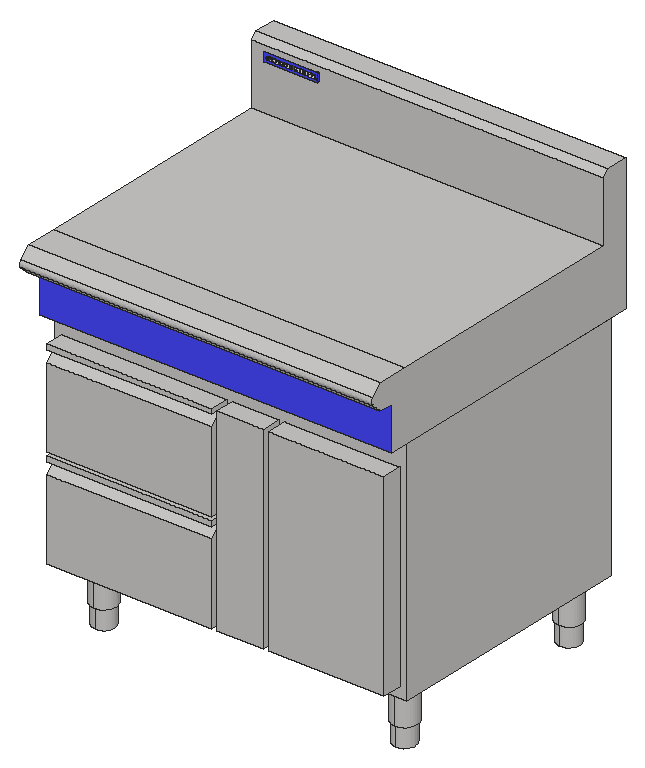
Revit family "QF_MOFFAT_BLUESEAL_CE_B90-RB", category Specialty Equipment, Revit 2012
Parameters
  Width = 900 mm
  Weight in Pounds = 255  # constant formula
  Watts = Volts * FL Amps  # 414 W
  Volts = 230 V
  URL Cutsheet = "www.moffat.com"
  URL = "www.moffat.com"
  Type Mark [instance] = ""
  Status [instance] = ""
  Specification by User [instance] = ""
  Specification by Manufacturer = ""
  Show Logo [instance] = yes
  Show Clearance [instance] = yes
  Show Casters [instance] = no
  Serial Number = ""
  Seismic Rating = ""
  SMACNA No = ""
  Revision Code [instance] = ""
  Refrigerant Type [instance] = "R134a"
  Phase = 1
  Omniclass Number and Title = ""
  Number of Poles [instance] = 1
  NAFEM Spec ID Number = ""
  Model = "B90-RB"
  Min Ckt Ampacity = 0 A
  Max Overcurrent Protection = 0 A
  Masterspec = ""
  Manufacturer = "MOFFAT BLUESEAL"
  Legs [instance] = not(Show Casters)  # yes
  Item Number [instance] = ""
  Installed By [instance] = ""
  Identify Quantity as Lot [instance] = yes
  Height = 1085 mm
  HP = ""
  Furnished By [instance] = ""
  Foodservice Equipment Identifier [instance] = yes
  FL Amps = 1.8 A
  Electrical Remarks = ""
  Electric Connection Type = ""
  Elec Conn RI Height = 0 mm
  Elec Conn Connection Height = 0 mm
  Description = "900MM BENCH TOP ON REFRIGERATED BASE"
  Depth = 812 mm
  Cycle = 50 Hz
  Conn Plug = ""
  Conn Conduit = yes
  CSI MasterFormat = ""
  CSI Master Format = ""
  Apparent Power = 0 VA
Reference planes
  plane 1 "BACK": y = 0
  plane 2: z = 0
  plane 3 "LEFT": x = 0
  plane 4 "RIGHT": x = 900
  plane 5 "FRONT": y = -812
  plane 6 "TOP": z = 970
  plane 7 "Center Y": x = 450
  plane 8 "Center X": y = -406
  plane 9: x = 280
  plane 10: y = -574.272
  plane 11: x = 60
  plane 12: y = -304.972
  plane 13: y = -364.972
  plane 14: x = 74
  plane 15: x = 834.5
  plane 16: y = -32
  plane 17: z = 655
  plane 18: z = 1085
Forms (mm)
  Revolve 1, solid, material "QF_Finishes_Stainless Steel"
    sketch origin (834.5, -696.126, 0) x (0, 1, 0) y (0, 0, -1)
      loop
        line (39.376, -150) -> (71.126, -150) -> (71.126, 0) -> (43.626, 0) -> (43.626, -50) -> (39.376, -50) -> (39.376, -150)
      axis (71.126, -150) -> (71.126, 0)
    angle from 0 to 360
  Revolve 2, solid, material "QF_Finishes_Stainless Steel"
    sketch origin (65.5, -696.126, 0) x (0, 1, 0) y (0, 0, 1)
      loop
        line (39.376, 150) -> (39.376, 50) -> (43.626, 50) -> (43.626, 0) -> (71.126, 0) -> (71.126, 150) -> (39.376, 150)
      axis (71.126, 150) -> (71.126, 0)
    angle from 0 to 360
  Extrusion 3, solid, material "QF_Finishes_Stainless Steel", visible <- "Show Casters"
    sketch origin (71.501, 133.353, -8.783) x (0, 1, 0) y (0, 0, 1)
      loop
        line (-201.603, 118.783) -> (-265.103, 118.783) -> (-252.746, 53.895)
        arc (-252.746, 53.895) -> (-233.353, 38.783) -> (-213.959, 53.895) r 20
        line (-213.959, 53.895) -> (-201.603, 118.783)
    from -35.667 to 22.923
  Revolve 4, solid, material "QF_Finishes_Stainless Steel", visible <- "Show Casters"
    sketch origin (65, -203, 0) x (0, 1, 0) y (0, 0, 1)
      loop
        line (67.25, 150) -> (67.25, 110) -> (103, 110) -> (103, 150) -> (67.25, 150)
      axis (103, 150) -> (103, 110)
    angle from 0 to 360
  Revolve 5, solid, material "QF_Finishes_Stainless Steel", visible <- "Show Casters"
    sketch origin (834.5, -203, 0) x (0, 1, 0) y (0, 0, -1)
      loop
        line (67.25, -150) -> (103, -150) -> (103, -110) -> (67.25, -110) -> (67.25, -150)
      axis (103, -150) -> (103, -110)
    angle from 0 to 360
  Revolve 6, solid, material "QF_Finishes_Stainless Steel", visible <- "Show Casters"
    sketch origin (785.276, -99.755, -13.653) x (1, 0, 0) y (0, 0, 1)
      loop
        line (14.841, 64.453) -> (83.584, 64.453) -> (83.584, 67.958) -> (82.314, 69.228) -> (80.79, 69.228) -> (80.79, 72.674) -> (68.644, 72.674) -> (68.644, 82.639) -> (65.088, 84.692) -> (63.738, 93.028) -> (65.881, 93.028) -> (65.881, 99.378) -> (65.088, 99.378) -> (65.088, 105.728)
        arc (65.088, 105.728) -> (62.298, 112.463) -> (55.563, 115.253) r 9.525
        line (55.563, 115.253) -> (42.863, 115.253)
        arc (42.863, 115.253) -> (36.127, 112.463) -> (33.338, 105.728) r 9.525
        line (33.338, 105.728) -> (33.338, 99.378) -> (32.544, 99.378) -> (32.544, 93.028) -> (34.687, 93.028) -> (33.352, 84.781) -> (29.782, 82.719) -> (29.782, 72.674) -> (17.635, 72.674) -> (17.635, 69.228) -> (16.111, 69.228) -> (14.841, 67.958) -> (14.841, 64.453)
      axis (14.841, 64.453) -> (83.584, 64.453)
    angle from 0 to 360
  Extrusion 7, solid, material "QF_Finishes_Stainless Steel", visible <- "Show Casters"
    sketch origin (841.001, 133.353, -8.783) x (0, 1, 0) y (0, 0, 1)
      loop
        line (-201.603, 118.783) -> (-265.103, 118.783) -> (-252.746, 53.895)
        arc (-252.746, 53.895) -> (-233.353, 38.783) -> (-213.959, 53.895) r 20
        line (-213.959, 53.895) -> (-201.603, 118.783)
    from -35.667 to 22.923
  Revolve 8, solid, material "QF_Finishes_Stainless Steel", visible <- "Legs"
    sketch origin (65, -165, 0) x (0, 1, 0) y (0, 0, 1)
      loop
        line (33.25, 150) -> (33.25, 50) -> (37.5, 50) -> (37.5, 0) -> (65, 0) -> (65, 150) -> (33.25, 150)
      axis (65, 150) -> (65, 0)
    angle from 0 to 360
  Revolve 9, solid, material "QF_Finishes_Stainless Steel", visible <- "Legs"
    sketch origin (834.5, -165, 0) x (0, 1, 0) y (0, 0, -1)
      loop
        line (33.25, -150) -> (65, -150) -> (65, 0) -> (37.5, 0) -> (37.5, -50) -> (33.25, -50) -> (33.25, -150)
      axis (65, -150) -> (65, 0)
    angle from 0 to 360
  Revolve 10, solid, material "QF_Finishes_Stainless Steel", visible <- "Show Casters"
    sketch origin (114.224, -99.755, -13.653) x (-1, 0, 0) y (0, 0, -1)
      loop
        line (14.841, -64.453) -> (14.841, -67.958) -> (16.111, -69.228) -> (17.635, -69.228) -> (17.635, -72.674) -> (29.782, -72.674) -> (29.782, -82.719) -> (33.352, -84.781) -> (34.687, -93.028) -> (32.544, -93.028) -> (32.544, -99.378) -> (33.338, -99.378) -> (33.338, -105.728)
        arc (33.338, -105.728) -> (36.127, -112.463) -> (42.863, -115.253) r 9.525
        line (42.863, -115.253) -> (55.563, -115.253)
        arc (55.563, -115.253) -> (62.298, -112.463) -> (65.088, -105.728) r 9.525
        line (65.088, -105.728) -> (65.088, -99.378) -> (65.881, -99.378) -> (65.881, -93.028) -> (63.738, -93.028) -> (65.088, -84.692) -> (68.644, -82.639) -> (68.644, -72.674) -> (80.79, -72.674) -> (80.79, -69.228) -> (82.314, -69.228) -> (83.584, -67.958) -> (83.584, -64.453) -> (14.841, -64.453)
      axis (14.841, -64.453) -> (83.584, -64.453)
    angle from 0 to 360
  Extrusion 11, solid, material "QF_Finishes_Stainless Steel"
    sketch origin (0, -47, 150) x (0, 0, 1) y (1, 0, 0)
      loop
        circle (270, 526) r 6.35
    from 0 to 1.6
  Extrusion 12, solid, material "QF_Finishes_Stainless Steel"
    sketch origin (0, 0, 0) x (0, 1, 0) y (0, 0, 1)
      loop
        line (0, 1085) -> (-57, 1085) -> (-70, 1072) -> (-70, 915) -> (-705, 915) -> (-783.97, 915) -> (-808.503, 890.467)
        arc (-808.503, 890.467) -> (-812.01, 882) -> (-808.503, 873.533) r 11.974
        line (-808.503, 873.533) -> (-784.97, 850) -> (-749, 850) -> (-749, 740) -> (0, 740) -> (0, 1085)
      loop
        line (-699, 150) -> (-47, 150) -> (-47, 695.183) -> (-47, 737.784) -> (-699, 737.784) -> (-699, 150)
    from 0 to 900
  Extrusion 13, solid, material "QF_Finishes_Stainless Steel"
    sketch origin (0, 0, 0) x (0, 1, 0) y (0, 0, 1)
      loop
        line (-699, 678) -> (-747, 678) -> (-747, 665) -> (-715.13, 665) -> (-749, 636.579) -> (-749, 431) -> (-699, 431) -> (-699, 678)
      loop
        line (-749, 175) -> (-699, 175) -> (-699, 421) -> (-747, 421) -> (-747, 408) -> (-715.13, 408) -> (-749, 379.579) -> (-749, 175)
    from 17.986 to 440
  Extrusion 14, solid, material "QF_Finishes_Stainless Steel"
    sketch origin (723.5, 0, 0) x (0, 1, 0) y (0, 0, 1)
      loop
        line (-699, 678) -> (-749, 678) -> (-749, 175) -> (-699, 175) -> (-699, 678)
    from -270.5 to -150.5
  Extrusion 15, solid, material "QF_Door-Drawer Clearances", visible <- "Show Clearance", detail levels coarse
    sketch origin (0, -749, 676) x (0, 0, -1) y (1, 0, 0)
      loop
        line (501, 440) -> (255, 440) -> (255, 17.986) -> (501, 17.986) -> (501, 440)
      loop
        line (245, 440) -> (-2, 440) -> (-2, 17.986) -> (245, 17.986) -> (245, 440)
    from 0 to 304.8
  Extrusion 16, solid, material "QF_Finishes_Stainless Steel"
    sketch origin (1031.5, 0, 0) x (0, 1, 0) y (0, 0, 1)
      loop
        line (-699, 678) -> (-749, 678) -> (-749, 175) -> (-699, 175) -> (-699, 678)
    from -444.5 to -150.5
Lines and regions (mm)
  Split face 1
    outline origin (0, 0, 1085) x (0, -1, 0) y (1, 0, 0)
      loop
        line (18.185, 271.959) -> (18.185, 44)
        arc (18.185, 44) -> (23.185, 35.34) -> (33.185, 35.34) r 10
        line (33.185, 35.34) -> (40.185, 39.381)
        arc (40.185, 39.381) -> (43.846, 43.041) -> (45.185, 48.041) r 10
        line (45.185, 48.041) -> (45.185, 276)
        arc (45.185, 276) -> (40.185, 284.66) -> (30.185, 284.66) r 10
        line (30.185, 284.66) -> (23.185, 280.619)
        arc (23.185, 280.619) -> (19.525, 276.959) -> (18.185, 271.959) r 10
  Split face 2
    outline origin (330, 7.097, 1085) x (0, -1, 0) y (1, 0, 0)
      loop
        line (25.282, 231.959) -> (25.282, 4)
        arc (25.282, 4) -> (30.282, -4.66) -> (40.282, -4.66) r 10
        line (40.282, -4.66) -> (47.282, -0.618)
        arc (47.282, -0.618) -> (50.942, 3.042) -> (52.282, 8.042) r 10
        line (52.282, 8.042) -> (52.282, 236)
        arc (52.282, 236) -> (47.282, 244.661) -> (37.282, 244.661) r 10
        line (37.282, 244.661) -> (30.282, 240.619)
        arc (30.282, 240.619) -> (26.622, 236.959) -> (25.282, 231.959) r 10
  Split face 3
    outline origin (620.967, 9.462, 1085) x (0, -1, 0) y (1, 0, 0)
      loop
        line (27.648, 230.992) -> (27.648, 3.033)
        arc (27.648, 3.033) -> (32.648, -5.627) -> (42.648, -5.627) r 10
        line (42.648, -5.627) -> (49.648, -1.586)
        arc (49.648, -1.586) -> (53.308, 2.074) -> (54.648, 7.074) r 10
        line (54.648, 7.074) -> (54.648, 235.033)
        arc (54.648, 235.033) -> (49.648, 243.693) -> (39.648, 243.693) r 10
        line (39.648, 243.693) -> (32.648, 239.652)
        arc (32.648, 239.652) -> (28.988, 235.992) -> (27.648, 230.992) r 10
  Split face 4
    outline origin (1031.5, -749, 676) x (0, 0, -1) y (1, 0, 0)
      loop
        line (291.62, -416.534) -> (481.62, -416.534) -> (481.62, -181.534) -> (291.62, -181.534) -> (291.62, -416.534)
  Split face 5
    outline origin (1031.5, -749, 931) x (0, 0, -1) y (1, 0, 0)
      loop
        line (291.62, -416.534) -> (356.62, -416.534) -> (356.62, -181.534) -> (291.62, -181.534) -> (291.62, -416.534)
  Split face 6
    outline origin (1031.5, -749, 807.725) x (0, 0, -1) y (1, 0, 0)
      loop
        line (307.841, -274.649) -> (342.841, -274.649) -> (342.841, -219.649) -> (307.841, -219.649) -> (307.841, -274.649)
  Split face 7
    outline origin (939.097, -749, 808.536) x (0, 0, -1) y (1, 0, 0)
      loop
        line (307.841, -274.649) -> (342.841, -274.649) -> (342.841, -239.649) -> (307.841, -239.649) -> (307.841, -274.649)
  symbolic lines
    curve 1: line (0, 0, 0) -> (0, -812, 0)
    curve 2: line (900, 0, 0) -> (0, 0, 0)
    curve 3: line (900, -812, 0) -> (900, 0, 0)
    curve 4: line (0, -70, 0) -> (900, -70, 0)
    curve 5: line (900, -812, 0) -> (0, -812, 0)
    curve 6: line (900, -57, 0) -> (0, -57, 0)
    curve 7: line (276, -45.185, 0) -> (48.041, -45.185, 0)
    curve 8: arc (48.041, -45.185, 0) -> (43.041, -43.846, 0) -> (39.381, -40.185, 0) r 10
    curve 9: line (39.381, -40.185, 0) -> (35.34, -33.185, 0)
    curve 10: arc (35.34, -33.185, 0) -> (35.34, -23.185, 0) -> (44, -18.185, 0) r 10
    curve 11: line (44, -18.185, 0) -> (271.959, -18.185, 0)
    curve 12: arc (271.959, -18.185, 0) -> (276.959, -19.525, 0) -> (280.619, -23.185, 0) r 10
    curve 13: line (280.619, -23.185, 0) -> (284.66, -30.185, 0)
    curve 14: arc (284.66, -30.185, 0) -> (284.66, -40.185, 0) -> (276, -45.185, 0) r 10
    curve 15: line (566, -45.185, 0) -> (338.041, -45.185, 0)
    curve 16: arc (338.041, -45.185, 0) -> (333.041, -43.846, 0) -> (329.381, -40.185, 0) r 10
    curve 17: line (329.381, -40.185, 0) -> (325.34, -33.185, 0)
    curve 18: arc (325.34, -33.185, 0) -> (325.34, -23.185, 0) -> (334, -18.185, 0) r 10
    curve 19: line (334, -18.185, 0) -> (561.959, -18.185, 0)
    curve 20: arc (561.959, -18.185, 0) -> (566.959, -19.525, 0) -> (570.619, -23.185, 0) r 10
    curve 21: line (570.619, -23.185, 0) -> (574.66, -30.185, 0)
    curve 22: arc (574.66, -30.185, 0) -> (574.66, -40.185, 0) -> (566, -45.185, 0) r 10
    curve 23: line (856, -45.185, 0) -> (628.041, -45.185, 0)
    curve 24: arc (628.041, -45.185, 0) -> (623.041, -43.846, 0) -> (619.381, -40.185, 0) r 10
    curve 25: line (619.381, -40.185, 0) -> (615.34, -33.185, 0)
    curve 26: arc (615.34, -33.185, 0) -> (615.34, -23.185, 0) -> (624, -18.185, 0) r 10
    curve 27: line (624, -18.185, 0) -> (851.959, -18.185, 0)
    curve 28: arc (851.959, -18.185, 0) -> (856.959, -19.525, 0) -> (860.619, -23.185, 0) r 10
    curve 29: line (860.619, -23.185, 0) -> (864.66, -30.185, 0)
    curve 30: arc (864.66, -30.185, 0) -> (864.66, -40.185, 0) -> (856, -45.185, 0) r 10
    curve 31: line (0, -783.97, 0) -> (900, -783.97, 0)
  symbolic lines, style "QF_Door-Drawer Clearances"
    curve 32: line (0, -1053.8, 0) -> (0, -812, 0)
    curve 33: line (440, -812, 0) -> (440, -1053.8, 0)
    curve 34: line (440, -1053.8, 0) -> (0, -1053.8, 0)
Dimensions and locks
  equal spacing: plane 3 "LEFT", plane 7 "Center Y", plane 4 "RIGHT"
  "Width": plane 3 "LEFT" to plane 4 "RIGHT"
  equal spacing: plane 5 "FRONT", plane 8 "Center X", plane 1 "BACK"
  "Depth": plane 5 "FRONT" to plane 1 "BACK"
  equal spacing: plane 4 "RIGHT", plane 7 "Center Y", plane 3 "LEFT"
  plane 4 "RIGHT" to plane 3 "LEFT" = 900 mm
  plane 5 "FRONT" to plane 1 "BACK" = 812 mm
  plane 10 to plane 1 "BACK" = 574.272 mm
  plane 12 to plane 1 "BACK" = 304.972 mm  (x2)
  plane 11 to plane 3 "LEFT" = 60 mm
  plane 14 to plane 3 "LEFT" = 74 mm
  plane 9 to plane 3 "LEFT" = 280 mm
  plane 6 "TOP" to plane 2 = 970 mm
  plane 17 to level = 655 mm
  Revolve 6 sketch curve to Revolve 6 sketch curve = 50.8 mm
  Revolve 10 sketch curve to Revolve 10 sketch curve = 50.8 mm
  plane 18 to level = 1085 mm  (x2)
  Extrusion 11 sketch curve to plane 4 "RIGHT" = 374 mm
  level to Extrusion 11 sketch curve = 420 mm
  aligned and locked: level to plane 2
  aligned and locked: curve 3 to plane 4 "RIGHT"
Automatic sketch dimensions
  Revolve 2 sketch curve to level = 0 mm
  Revolve 2 sketch curve to Revolve 2 sketch curve = 4.25 mm
  Revolve 2 sketch curve to Revolve 2 sketch curve = 27.5 mm
  Revolve 2 sketch curve to plane 10 = 50.728 mm  (x2)
  Revolve 2 sketch curve to level = 55 mm
  Revolve 2 sketch curve to Revolve 2 sketch curve = 50 mm
  Revolve 2 sketch curve to Revolve 2 sketch curve = 0 mm
  Revolve 2 sketch curve to Revolve 2 sketch curve = 100 mm
  Revolve 1 sketch curve to level = 0 mm
  Revolve 1 sketch curve to Revolve 1 sketch curve = 4.25 mm
  Revolve 1 sketch curve to Revolve 1 sketch curve = 27.5 mm
  Revolve 1 sketch curve to plane 10 = 50.728 mm  (x2)
  level to Revolve 1 sketch curve = 50 mm
  Revolve 1 sketch curve to Revolve 1 sketch curve = 0 mm
  Revolve 1 sketch curve to Revolve 1 sketch curve = 55 mm
  Extrusion 3 sketch curve to plane 16 = 99.75 mm
  Extrusion 3 sketch curve to Extrusion 3 sketch curve = 12.357 mm
  Extrusion 3 sketch curve to Extrusion 3 sketch curve = 19.393 mm  (x2)
  level to Extrusion 3 sketch curve = 45.111 mm
  Extrusion 3 sketch curve to plane 16 = 36.25 mm
  Extrusion 3 sketch curve to Extrusion 3 sketch curve = 4.889 mm
  Extrusion 3 sketch curve to Extrusion 3 sketch curve = 64.889 mm
  Revolve 4 sketch curve to plane 16 = 103.75 mm
  Revolve 4 sketch curve to plane 16 = 68 mm
  Revolve 4 sketch curve to Revolve 4 sketch curve = 35.75 mm
  Revolve 4 sketch curve to level = 55 mm
  level to Revolve 4 sketch curve = 50 mm
  Revolve 4 sketch curve to Revolve 4 sketch curve = 60 mm
  Revolve 4 sketch curve to Revolve 4 sketch curve = 40 mm
  Revolve 5 sketch curve to plane 16 = 103.75 mm
  Revolve 5 sketch curve to plane 16 = 68 mm
  Revolve 5 sketch curve to Revolve 5 sketch curve = 35.75 mm
  level to Revolve 5 sketch curve = 150 mm
  Revolve 5 sketch curve to Revolve 5 sketch curve = 40 mm
  level to Revolve 5 sketch curve = 50 mm
  Revolve 5 sketch curve to level = 55 mm
  Revolve 6 sketch curve to plane 15 = 34.382 mm
  Revolve 6 sketch curve to Revolve 6 sketch curve = 1.27 mm  (x4)
  Revolve 6 sketch curve to Revolve 6 sketch curve = 1.524 mm  (x2)
  Revolve 6 sketch curve to Revolve 6 sketch curve = 12.146 mm  (x2)
  Revolve 6 sketch curve to plane 15 = 16.68 mm
  Revolve 6 sketch curve to Revolve 6 sketch curve = 0.794 mm  (x2)
  Revolve 6 sketch curve to Revolve 6 sketch curve = 3.57 mm
  Revolve 6 sketch curve to Revolve 6 sketch curve = 2.143 mm
  Revolve 6 sketch curve to plane 15 = 6.361 mm
  plane 15 to Revolve 6 sketch curve = 5.13 mm
  plane 15 to Revolve 6 sketch curve = 6.339 mm
  plane 15 to Revolve 6 sketch curve = 14.515 mm
  Revolve 6 sketch curve to Revolve 6 sketch curve = 1.349 mm  (x2)
  Revolve 6 sketch curve to Revolve 6 sketch curve = 3.556 mm
  Revolve 6 sketch curve to plane 4 "RIGHT" = 2.18 mm
  level to Revolve 6 sketch curve = 50.8 mm
  Revolve 6 sketch curve to Revolve 6 sketch curve = 0 mm
  Revolve 6 sketch curve to Revolve 6 sketch curve = 3.505 mm  (x2)
  Revolve 6 sketch curve to Revolve 6 sketch curve = 3.447 mm  (x2)
  Revolve 6 sketch curve to Revolve 6 sketch curve = 9.964 mm
  Revolve 6 sketch curve to Revolve 6 sketch curve = 10.045 mm
  Revolve 6 sketch curve to Revolve 6 sketch curve = 2.053 mm
  Revolve 6 sketch curve to Revolve 6 sketch curve = 2.061 mm
  Revolve 6 sketch curve to Revolve 6 sketch curve = 8.247 mm
  Revolve 6 sketch curve to Revolve 6 sketch curve = 8.336 mm
  Revolve 6 sketch curve to Revolve 6 sketch curve = 6.35 mm  (x2)
  Extrusion 7 sketch curve to plane 16 = 99.75 mm
  Extrusion 7 sketch curve to Extrusion 7 sketch curve = 12.357 mm
  Extrusion 7 sketch curve to Extrusion 7 sketch curve = 19.393 mm  (x2)
  level to Extrusion 7 sketch curve = 45.111 mm
  Extrusion 7 sketch curve to plane 16 = 36.25 mm
  Extrusion 7 sketch curve to Extrusion 7 sketch curve = 4.889 mm
  Extrusion 7 sketch curve to Extrusion 7 sketch curve = 64.889 mm
  Revolve 8 sketch curve to level = 0 mm
  Revolve 8 sketch curve to plane 16 = 99.75 mm
  Revolve 8 sketch curve to Revolve 8 sketch curve = 4.25 mm
  Revolve 8 sketch curve to Revolve 8 sketch curve = 27.5 mm  (x2)
  Revolve 8 sketch curve to level = 55 mm
  Revolve 8 sketch curve to Revolve 8 sketch curve = 50 mm
  Revolve 8 sketch curve to Revolve 8 sketch curve = 0 mm
  Revolve 8 sketch curve to Revolve 8 sketch curve = 100 mm
  Revolve 9 sketch curve to level = 0 mm
  Revolve 9 sketch curve to plane 16 = 99.75 mm
  Revolve 9 sketch curve to Revolve 9 sketch curve = 4.25 mm
  Revolve 9 sketch curve to Revolve 9 sketch curve = 27.5 mm  (x2)
  level to Revolve 9 sketch curve = 50 mm
  Revolve 9 sketch curve to Revolve 9 sketch curve = 0 mm
  Revolve 9 sketch curve to Revolve 9 sketch curve = 100 mm
  Revolve 9 sketch curve to Revolve 9 sketch curve = 55 mm
  plane 14 to Revolve 10 sketch curve = 25.382 mm
  Revolve 10 sketch curve to Revolve 10 sketch curve = 1.27 mm  (x4)
  Revolve 10 sketch curve to Revolve 10 sketch curve = 1.524 mm  (x2)
  plane 14 to Revolve 10 sketch curve = 10.442 mm
  plane 14 to Revolve 10 sketch curve = 7.68 mm
  Revolve 10 sketch curve to Revolve 10 sketch curve = 0.794 mm  (x2)
  Revolve 10 sketch curve to Revolve 10 sketch curve = 3.57 mm
  Revolve 10 sketch curve to Revolve 10 sketch curve = 2.143 mm
  Revolve 10 sketch curve to plane 14 = 2.639 mm
  Revolve 10 sketch curve to plane 11 = 0.13 mm
  Revolve 10 sketch curve to plane 11 = 1.339 mm
  Revolve 10 sketch curve to plane 11 = 9.515 mm
  Revolve 10 sketch curve to Revolve 10 sketch curve = 1.349 mm  (x2)
  Revolve 10 sketch curve to Revolve 10 sketch curve = 3.556 mm
  Revolve 10 sketch curve to Revolve 10 sketch curve = 12.146 mm
  Revolve 10 sketch curve to plane 3 "LEFT" = 2.68 mm
  level to Revolve 10 sketch curve = 101.6 mm
  Revolve 10 sketch curve to Revolve 10 sketch curve = 6.35 mm  (x4)
  Revolve 10 sketch curve to Revolve 10 sketch curve = 8.247 mm
  Revolve 10 sketch curve to Revolve 10 sketch curve = 8.336 mm
  Revolve 10 sketch curve to Revolve 10 sketch curve = 2.061 mm
  Revolve 10 sketch curve to Revolve 10 sketch curve = 2.053 mm
  Revolve 10 sketch curve to Revolve 10 sketch curve = 10.045 mm
  Revolve 10 sketch curve to Revolve 10 sketch curve = 9.964 mm
  Revolve 10 sketch curve to Revolve 10 sketch curve = 3.447 mm  (x2)
  Revolve 10 sketch curve to Revolve 10 sketch curve = 3.505 mm
  Revolve 1 sketch curve to Revolve 1 sketch curve = 100 mm
  plane 1 "BACK" to curve 1 = 0 mm
  curve 1 to plane 3 "LEFT" = 0 mm
  plane 5 "FRONT" to curve 33 = 0 mm
  curve 9 to plane 16 = 1.185 mm
  curve 9 to plane 11 = 24.66 mm
  curve 10 to curve 8 = 4.041 mm
  curve 10 to plane 11 = 16 mm
  curve 8 to curve 8 = 8.66 mm
  curve 12 to plane 9 = 8.041 mm
  curve 14 to plane 9 = 4 mm
  plane 9 to curve 12 = 0.619 mm
  plane 16 to curve 14 = 1.815 mm
  plane 9 to curve 14 = 4.66 mm
  curve 18 to plane 16 = 1.185 mm
  curve 13 to curve 18 = 40.679 mm
  curve 18 to curve 16 = 4.041 mm
  plane 16 to curve 18 = 3.815 mm
  curve 17 to curve 18 = 8.66 mm
  curve 16 to curve 16 = 8.66 mm
  curve 33 to plane 7 "Center Y" = 10 mm
  plane 7 "Center Y" to curve 20 = 111.959 mm
  curve 20 to curve 22 = 4.041 mm
  plane 16 to curve 21 = 8.815 mm
  curve 20 to curve 21 = 8.66 mm
  plane 16 to curve 21 = 1.815 mm
  curve 21 to curve 21 = 4.041 mm
  curve 26 to plane 16 = 1.185 mm
  curve 21 to curve 26 = 40.679 mm
  curve 25 to curve 24 = 4.041 mm
  curve 25 to curve 26 = 8.66 mm
  curve 24 to curve 23 = 8.66 mm
  plane 15 to curve 28 = 17.459 mm
  curve 28 to curve 30 = 4.041 mm  (x2)
  plane 16 to curve 29 = 8.815 mm
  curve 28 to curve 29 = 8.66 mm
  plane 16 to curve 30 = 1.815 mm
  curve 33 to curve 33 = 241.8 mm
  curve 31 to plane 5 "FRONT" = 28.03 mm
  curve 4 to curve 6 = 13 mm
  curve 15 to plane 16 = 13.185 mm
  curve 8 to plane 16 = 13.185 mm
  curve 23 to plane 16 = 13.185 mm
  curve 17 to curve 18 = 7 mm
  curve 25 to curve 25 = 7 mm
  curve 8 to curve 10 = 7 mm
  plane 16 to curve 26 = 3.815 mm
  plane 16 to curve 10 = 3.815 mm
  plane 16 to curve 12 = 3.815 mm
  plane 18 to Extrusion 12 sketch curve = 0 mm
  Extrusion 12 sketch curve to plane 1 "BACK" = 0 mm
  Extrusion 12 sketch curve to plane 16 = 15 mm
  Extrusion 12 sketch curve to plane 16 = 25 mm
  Extrusion 12 sketch curve to Extrusion 12 sketch curve = 13 mm
  Extrusion 12 sketch curve to plane 5 "FRONT" = 113 mm
  Extrusion 12 sketch curve to plane 5 "FRONT" = 107 mm
  Extrusion 12 sketch curve to plane 5 "FRONT" = 63 mm
  Extrusion 12 sketch curve to plane 5 "FRONT" = 28.03 mm
  Extrusion 12 sketch curve to plane 5 "FRONT" = 27.03 mm
  Extrusion 12 sketch curve to plane 5 "FRONT" = 11.964 mm
  Extrusion 12 sketch curve to plane 5 "FRONT" = 3.497 mm  (x2)
  plane 18 to Extrusion 12 sketch curve = 13 mm
  Extrusion 12 sketch curve to Extrusion 12 sketch curve = 0 mm  (x2)
  Extrusion 12 sketch curve to Extrusion 12 sketch curve = 24.533 mm
  Extrusion 12 sketch curve to Extrusion 12 sketch curve = 8.467 mm
  Extrusion 12 sketch curve to Extrusion 12 sketch curve = 23.533 mm
  plane 17 to Extrusion 12 sketch curve = 85 mm
  Extrusion 12 sketch curve to Extrusion 12 sketch curve = 2.216 mm
  plane 17 to Extrusion 12 sketch curve = 40.183 mm
  level to Extrusion 12 sketch curve = 150 mm
  Extrusion 12 sketch curve to Extrusion 12 sketch curve = 110 mm
  Split face 1 sketch curve to Extrusion 12 = 18.185 mm
  Split face 1 sketch curve to Split face 1 sketch curve = 5 mm  (x2)
  Split face 1 sketch curve to Split face 1 sketch curve = 10 mm  (x3)
  Split face 1 sketch curve to Split face 1 sketch curve = 7 mm  (x4)
  Split face 1 sketch curve to Extrusion 12 = 35.34 mm
  Split face 1 sketch curve to Split face 1 sketch curve = 4.041 mm  (x2)
  Split face 1 sketch curve to Split face 1 sketch curve = 223.917 mm
  Split face 2 sketch curve to Extrusion 12 = 18.185 mm
  Split face 2 sketch curve to Split face 2 sketch curve = 5 mm  (x2)
  Split face 2 sketch curve to Split face 2 sketch curve = 10 mm  (x3)
  Split face 2 sketch curve to Split face 2 sketch curve = 7 mm  (x4)
  Split face 2 sketch curve to Extrusion 12 = 325.34 mm
  Split face 2 sketch curve to Split face 2 sketch curve = 4.041 mm  (x2)
  Split face 2 sketch curve to Split face 2 sketch curve = 223.917 mm
  Split face 3 sketch curve to Extrusion 12 = 18.185 mm
  Split face 3 sketch curve to Split face 3 sketch curve = 5 mm  (x2)
  Split face 3 sketch curve to Split face 3 sketch curve = 10 mm  (x3)
  Split face 3 sketch curve to Split face 3 sketch curve = 7 mm  (x4)
  Split face 3 sketch curve to Extrusion 12 = 284.66 mm
  Split face 3 sketch curve to Split face 3 sketch curve = 4.041 mm  (x2)
  Split face 3 sketch curve to Extrusion 12 = 48.041 mm
  curve 4 to plane 16 = 38 mm
  Extrusion 13 sketch curve to plane 17 = 18.421 mm
  Extrusion 13 sketch curve to plane 5 "FRONT" = 63 mm  (x2)
  Extrusion 13 sketch curve to Extrusion 13 sketch curve = 2 mm  (x2)
  plane 17 to Extrusion 13 sketch curve = 10 mm
  Extrusion 13 sketch curve to Extrusion 13 sketch curve = 31.87 mm  (x2)
  Extrusion 13 sketch curve to Extrusion 13 sketch curve = 50 mm
  Extrusion 13 sketch curve to Extrusion 13 sketch curve = 0 mm
  Extrusion 13 sketch curve to Extrusion 13 sketch curve = 205.579 mm
  Extrusion 13 sketch curve to Extrusion 13 sketch curve = 10 mm
  Extrusion 13 sketch curve to Extrusion 13 sketch curve = 13 mm  (x2)
  Extrusion 13 sketch curve to Extrusion 13 sketch curve = 28.421 mm
  level to Extrusion 13 sketch curve = 175 mm
  Extrusion 14 sketch curve to plane 5 "FRONT" = 63 mm
  Extrusion 14 sketch curve to Extrusion 14 sketch curve = 50 mm
  level to Extrusion 14 sketch curve = 175 mm
  plane 17 to Extrusion 14 sketch curve = 23 mm
  Extrusion 15 sketch curve to Extrusion 13 = 0 mm  (x3)
  Extrusion 13 to Extrusion 15 sketch curve = 0 mm  (x2)
  Extrusion 13 to Extrusion 15 sketch curve = 41.421 mm
  Extrusion 13 to Extrusion 15 sketch curve = 10 mm
  Extrusion 15 sketch curve to Extrusion 15 sketch curve = 246 mm
  Extrusion 16 sketch curve to plane 5 "FRONT" = 63 mm
  Extrusion 16 sketch curve to Extrusion 16 sketch curve = 50 mm
  level to Extrusion 16 sketch curve = 175 mm
  plane 17 to Extrusion 16 sketch curve = 23 mm
  Split face 4 sketch curve to Extrusion 16 = 31.034 mm
  Split face 4 sketch curve to Extrusion 16 = 209.38 mm
  Split face 4 sketch curve to Extrusion 16 = 19.38 mm
  Split face 4 sketch curve to Extrusion 16 = 27.966 mm
  Split face 5 sketch curve to Extrusion 16 = 38.62 mm
  Split face 5 sketch curve to Extrusion 16 = 27.966 mm
  Split face 5 sketch curve to Split face 5 sketch curve = 65 mm
  Split face 5 sketch curve to Extrusion 16 = 31.034 mm
  Split face 6 sketch curve to Extrusion 16 = 69.149 mm
  Split face 6 sketch curve to Extrusion 16 = 178.116 mm
  Split face 6 sketch curve to Split face 6 sketch curve = 35 mm
  Split face 6 sketch curve to Split face 6 sketch curve = 55 mm
  Split face 7 sketch curve to Extrusion 16 = 177.305 mm
  Split face 7 sketch curve to Split face 7 sketch curve = 35 mm  (x2)
  Split face 7 sketch curve to Extrusion 16 = 77.448 mm
  radius of Extrusion 11 sketch curve = 6.35 mm
Nested families
  nested 1: "WALDORF LOGO_FACE BASE" at (32, -70, 1055.959) x (1, 0, 0) z (0, -1, 0), visible <- "Show Logo", type "WALDORF LOGO_FACE BASE", detail levels medium+fine
    with Show Logo yes
Connectors
  electrical at (526, -45.4, 420), driven by "Volts", driven by "Watts"
    settings: on Extrusion 11, index 5, voltage 230 V, apparent load 414 VA, apparent load phase1 0 VA, apparent load phase2 0 VA, apparent load phase3 0 VA, power factor 1, load classification "Other", number of poles 1, system type 30, power factor state 1, is connector primary yes, connector utility no, sub classification motor no, connector description "ELECTRICAL CONNECTION"
Definition of nested family "WALDORF LOGO_FACE BASE"
  Parameters (values of type "WALDORF LOGO_FACE BASE")
    Show Logo [instance] = yes
    Default Elevation = 1219.2 mm
  Reference planes
    plane 1 "Center (Front/Back)": y = 0
    plane 2: z = 0
    plane 3 "Center (Left/Right)": x = 0
  Forms (mm)
    Extrusion 1, solid
      sketch origin (0, 0, 0) x (1, 0, 0) y (0, 1, 0)
        loop
          line (-1219.2, 1219.2) -> (-1219.2, -1219.2) -> (1219.2, -1219.2) -> (1219.2, 1219.2) -> (-1219.2, 1219.2)
      from 0 to -304.8
    Extrusion 2, solid, material "QF_Finishes_Blue", visible <- "Show Logo"
      sketch origin (0, -33.217, 0) x (1, 0, 0) y (0, 1, 0)
        loop
          arc (138, 31.942) -> (137.626, 32.844) -> (136.724, 33.217) r 1.276
          line (136.724, 33.217) -> (1.29, 33.217)
          arc (1.29, 33.217) -> (0.378, 32.839) -> (0, 31.927) r 1.29
          line (0, 31.927) -> (0, 11.507)
          arc (0, 11.507) -> (0.378, 10.595) -> (1.29, 10.217) r 1.29
          line (1.29, 10.217) -> (136.71, 10.217)
          arc (136.71, 10.217) -> (137.622, 10.595) -> (138, 11.507) r 1.29
          line (138, 11.507) -> (138, 31.942)
      from 0 to 1.588
    Extrusion 3, solid, material "QF_Finishes_White", visible <- "Show Logo"
      sketch origin (0, -33.217, 1.588) x (1, 0, 0) y (0, 1, 0)
        loop
          arc (108.946, 25.919) -> (107.613, 25.367) -> (107.061, 24.034) r 1.885
          line (107.061, 24.034) -> (107.061, 17.211) -> (112.704, 17.211) -> (112.704, 19.129) -> (115.546, 19.129) -> (115.546, 17.211) -> (121.584, 17.211) -> (121.584, 24.075)
          arc (121.584, 24.075) -> (121.043, 25.379) -> (119.739, 25.919) r 1.845
          line (119.739, 25.919) -> (108.946, 25.919)
        loop
          line (123.478, 25.919) -> (123.478, 17.163) -> (134.904, 17.163) -> (134.904, 19.129) -> (129.246, 19.129) -> (129.246, 25.919) -> (123.478, 25.919)
        loop
          line (112.704, 21.258) -> (115.546, 21.258) -> (115.546, 22.702)
          arc (115.546, 22.702) -> (115.344, 23.188) -> (114.858, 23.389) r 0.687
          line (114.858, 23.389) -> (113.363, 23.389)
          arc (113.363, 23.389) -> (112.897, 23.196) -> (112.704, 22.73) r 0.658
          line (112.704, 22.73) -> (112.704, 21.258)
        loop
          line (105.071, 25.919) -> (93.771, 25.919) -> (93.771, 17.163) -> (105.071, 17.163) -> (105.071, 19.063) -> (99.535, 19.063) -> (99.535, 20.437) -> (105.071, 20.437) -> (105.071, 22.278) -> (99.535, 22.278) -> (99.535, 23.587) -> (105.071, 23.587) -> (105.071, 25.919)
        loop
          line (91.104, 25.919) -> (79.541, 25.919)
          arc (79.541, 25.919) -> (78.558, 25.513) -> (78.152, 24.53) r 1.389
          line (78.152, 24.53) -> (78.152, 22.08)
          arc (78.152, 22.08) -> (78.558, 21.098) -> (79.541, 20.691) r 1.389
          line (79.541, 20.691) -> (86.346, 20.691) -> (86.346, 18.864) -> (83.266, 18.864) -> (83.266, 19.664) -> (78.152, 19.664) -> (78.152, 18.553)
          arc (78.152, 18.553) -> (78.558, 17.57) -> (79.541, 17.163) r 1.389
          line (79.541, 17.163) -> (91.063, 17.163)
          arc (91.063, 17.163) -> (92.045, 17.57) -> (92.452, 18.553) r 1.389
          line (92.452, 18.553) -> (92.452, 20.691)
          arc (92.452, 20.691) -> (92.045, 21.673) -> (91.063, 22.08) r 1.389
          line (91.063, 22.08) -> (83.266, 22.08) -> (83.266, 23.984) -> (86.346, 23.984) -> (86.346, 22.743) -> (92.452, 22.743) -> (92.452, 24.571)
          arc (92.452, 24.571) -> (92.057, 25.524) -> (91.104, 25.919) r 1.348
        loop
          line (70.705, 25.919) -> (59.405, 25.919) -> (59.405, 17.163) -> (70.705, 17.163) -> (70.705, 19.063) -> (65.169, 19.063) -> (65.169, 20.437) -> (70.705, 20.437) -> (70.705, 22.278) -> (65.169, 22.278) -> (65.169, 23.587) -> (70.705, 23.587) -> (70.705, 25.919)
        loop
          line (57.598, 25.919) -> (51.7, 25.919) -> (51.7, 20.18)
          arc (51.7, 20.18) -> (50.63, 19.11) -> (49.56, 20.18) r 1.07
          line (49.56, 20.18) -> (49.56, 25.919) -> (43.663, 25.919) -> (43.663, 19.049)
          arc (43.663, 19.049) -> (44.215, 17.716) -> (45.548, 17.163) r 1.885
          line (45.548, 17.163) -> (55.71, 17.163)
          arc (55.71, 17.163) -> (57.045, 17.716) -> (57.598, 19.051) r 1.887
          line (57.598, 19.051) -> (57.598, 25.919)
        loop
          line (31.62, 25.919) -> (31.62, 17.163) -> (43.046, 17.163) -> (43.046, 19.129) -> (37.388, 19.129) -> (37.388, 25.919) -> (31.62, 25.919)
        loop
          line (15.969, 25.919) -> (15.969, 17.163) -> (28.693, 17.163)
          arc (28.693, 17.163) -> (29.812, 17.627) -> (30.276, 18.746) r 1.582
          line (30.276, 18.746) -> (30.276, 20.447) -> (29.48, 21.243) -> (30.276, 22.039) -> (30.276, 24.332)
          arc (30.276, 24.332) -> (29.811, 25.454) -> (28.688, 25.919) r 1.587
          line (28.688, 25.919) -> (15.969, 25.919)
        loop
          line (21.449, 24.159) -> (21.449, 22.436) -> (23.862, 22.436)
          arc (23.862, 22.436) -> (24.723, 23.298) -> (23.862, 24.159) r 0.861
          line (23.862, 24.159) -> (21.449, 24.159)
        loop
          line (21.449, 20.244) -> (21.449, 18.522) -> (23.862, 18.522)
          arc (23.862, 18.522) -> (24.723, 19.383) -> (23.862, 20.244) r 0.861
          line (23.862, 20.244) -> (21.449, 20.244)
      from 0 to 0.2
    Extrusion 4, solid, material "QF_Finishes_Blue", visible <- "Show Logo"
      sketch origin (-126.498, -31.09, 1.588) x (1, 0, 0) y (0, 1, 0)
        loop
          line (136.738, 23.522) -> (136.738, 15.1)
          arc (136.738, 15.1) -> (140.756, 19.311) -> (136.738, 23.522) r 4.216
      from 0 to 0.2
    Extrusion 5, solid, material "QF_Finishes_Red", visible <- "Show Logo"
      sketch origin (146.849, -31.09, 1.588) x (-1, 0, 0) y (0, -1, 0)
        loop
          arc (136.738, -23.522) -> (140.756, -19.311) -> (136.738, -15.1) r 4.216
          line (136.738, -15.1) -> (136.738, -23.522)
      from 0 to 0.2
  Lines and regions (mm)
    Split face 1
      outline origin (-90.35, -30.793, 1.588) x (1, 0, 0) y (0, 1, 0)
        loop
          circle (100.54, 19.013) r 4.536
  Dimensions and locks
    aligned and locked: plane 2 to Extrusion 1
    aligned and locked: level to Extrusion 1
